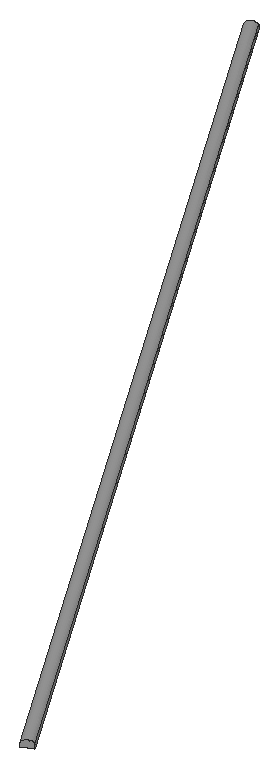
Revit family
Parameters
  폭 = 2400 mm
  주차장 경계 = 주차장 경계
  깊이 = 5000 mm
  경계 폭 = 50 mm
  각도 = 60.00°
Reference planes
  plane 1 "중심(앞/뒤)": y = 0
  plane 2: z = 0
  plane 3 "중심(왼쪽/오른쪽)": x = 0
  plane 4: through (0, 0, 4000) normal (0.866, 0.5, 0)
  plane 5: through (2251.255, 900.713, 4000) normal (0.866, 0.5, 0)
  plane 6: through (276.166, 159.445, 4000) normal (-0.5, 0.866, 0)
  plane 7: through (2159.593, -4526.661, 4000) normal (-0.5, 0.866, 0)
  plane 8: through (-534.555, 875.876, 4000) normal (0.866, 0.5, 0)
  plane 9: through (-491.253, 900.876, 4000) normal (0.866, 0.5, 0)
Forms (mm)
  Extrusion 1, solid, material "주차장 경계" <- "주차장 경계", detail levels medium+fine
    sketch origin (2159.593, -4526.661, 4000) x (-0.866025, -0.5, 0) y (0, 0, 1)
      loop
        line (-368.068, -4000) -> (-368.068, -3985)
        arc (-368.068, -3985) -> (-393.068, -3970) -> (-418.068, -3985) r 28.333
        line (-418.068, -3985) -> (-418.068, -4000) -> (-368.068, -4000)
    from 0 to 5000
Lines and regions (mm)
  model lines
    curve 1: line (2771.281, 0, 0) -> (5271.281, -4330.127, 0)
    curve 2: line (0, 0, 0) -> (2500, -4330.127, 0)
    curve 3: line (2771.281, 0, 0) -> (2500, -4330.127, 0)
    curve 4: line (0, 0, 0) -> (2771.281, 0, 0)
    curve 5: line (2500, -4330.127, 0) -> (5271.281, -4330.127, 0)
Dimensions and locks
  "폭": plane 5 to plane 4
  "깊이": plane 6 to plane 7
  equal spacing: plane 9, plane 4, plane 8
  "경계 폭": plane 9 to plane 8
  "각도": angle plane 4 to plane 1 "중심(앞/뒤)"
  "각도": angle plane 5 to plane 1 "중심(앞/뒤)"
  "각도": angle plane 6 to plane 3 "중심(왼쪽/오른쪽)"
  aligned and locked: curve 1 to plane 5
  aligned and locked: curve 2 to plane 4
  aligned and locked: plane 2 to Extrusion 1 sketch curve
  aligned and locked: Extrusion 1 sketch curve to plane 8
  aligned and locked: plane 9 to Extrusion 1 sketch curve
  aligned and locked: plane 6 to Extrusion 1
  aligned and locked: Extrusion 1 to plane 7
  aligned and locked: plane 1 "중심(앞/뒤)" to curve 4
  aligned and locked: plane 5 to curve 5
Automatic sketch dimensions
  Extrusion 1 sketch curve to plane 4 = 0 mm
  level to Extrusion 1 sketch curve = 1.667 mm
  Extrusion 1 sketch curve to Extrusion 1 sketch curve = 15 mm
  curve 2 to plane 7 = 0 mm
